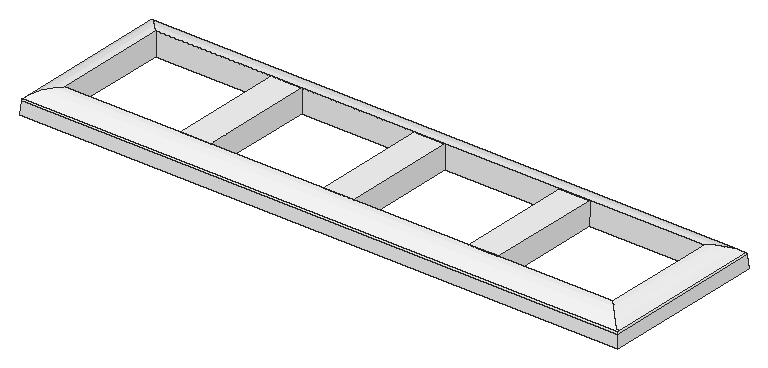
Revit family "Gira_021401", category Electrical Fixtures, host Face, Revit 2017
Family settings
  Host = Face
  Maintain Annotation Orientation = No
  Round Connector Dimension = Use Diameter
  Part Type = Normal
  Cut with Voids When Loaded = No
  Shared = No
  Room Calculation Point = No
Parameters (values of type "Cov.fr. 4-g Standard 55 cr.white")
  With mounting grid = "No"
  With hinged lid = "No"
  URL = "http://katalog.gira.de/en/datenblatt.html?artikelnr=021401"
  Type of fastening = "Clamp mounting"
  Transparent = "No"
  Surface protection = "Other"
  Surface finishing = "Glossy"
  Suitable for wall duct = "No"
  Suitable for flush-mounted installation = "Yes"
  Suitable for floor box = "No"
  Suitable for built-in installation = "No"
  RAL-number (akin) = "1013"
  Number of units vertical = "4"
  Number of units horizontal = "4"
  Number of units = "4"
  Name = "Cov.fr. 4-g Standard 55 cr.white"
  Mounting direction = "Horizontal and vertical"
  Material quality = "Thermoplastic"
  Material = "Plastic"
  Manufacturer URL = "https://www.gira.de/"
  Manufacturer = "Gira"
  Label space/information surface = "No"
  Keynote = ""
  HeinzeBIM = "https://bimportal.heinze.de/bim/cov-fr-4-g-standard-55-cr-white/0c5da1c4d7d8871fbf45d7ec72ca87cf7093aaea"
  Halogen free = "Yes"
  HAN = "021401"
  GTIN = "4010337214014"
  Description = "Cov.fr.4g Std55 CW,Gira Standard 55 cover frame,cream white glossy,4-gang,Features:,- Shatter-proof.,,Notes :,- Also suitable for duct installation.,- In connection with the seal kit, frame (1-gang to 5-gang) is also suitable for installation as water-protected flush-mounted IP44."
  Degree of protection (IP) = "IP20"
  Default Elevation = 1219.2 mm
  Data sheet (1) = "https://katalog.gira.de/en/download.html?artikelnr=021401"
  Colour = "Cream white (electro white)"
  Category = "Cover frame for domestic switching devices"
  BIM (1) = "https://media.stage.bim.site/public/gira/36a6b08/Std55_Rahmen_4fach.rfa"
  Available = "No"
Reference planes
  plane 1 "Center (Front/Back)": y = 0
  plane 2: z = 0
  plane 3 "Center (Left/Right)": x = 0
  plane 4: x = -40.3
  plane 5: x = 40.3
  plane 6: y = -147.3
  plane 7: y = 147.3
  plane 8: y = -71.3
  plane 9: y = 71.3
Forms (mm)
  Sweep 1, solid, material "White", detail levels fine
    path origin (0, 0, 0) x (0, -1, 0) y (1, 0, 0)
      loop
        line (40.3, 147.3) -> (-40.3, 147.3) -> (-40.3, -147.3) -> (40.3, -147.3) -> (40.3, 147.3)
    profile origin (147.3, 0, 0) x (-1, 0, 0) y (0, 0, 1)
      loop
        arc (12.22, 11.373) -> (5.983, 10.294) -> (0.641, 6.901) r 16.145
        arc (0.641, 6.901) -> (0.395, 6.426) -> (0.309, 5.898) r 1.694
        line (0.309, 5.898) -> (0, 0) -> (12.319, 0) -> (12.22, 11.373)
  Extrusion 2, solid, material "White", detail levels fine
    sketch origin (-70.7, 0, 0) x (1, 0, 0) y (0, 0, 1)
      loop
        line (7.4, 0) -> (7.4, 11.373) -> (-7.4, 11.373) -> (-7.4, 0) -> (7.4, 0)
    from -28.08 to 28.08
  Extrusion 3, solid, material "White", detail levels fine
    sketch origin (71.3, 0, 0) x (1, 0, 0) y (0, 0, 1)
      loop
        line (7.4, 0) -> (7.4, 11.373) -> (-7.4, 11.373) -> (-7.4, 0) -> (7.4, 0)
    from -28.08 to 28.08
  Extrusion 4, solid, material "White", detail levels fine
    sketch origin (0, 0, 0) x (1, 0, 0) y (0, 0, 1)
      loop
        line (7.4, 0) -> (7.4, 11.373) -> (-7.4, 11.373) -> (-7.4, 0) -> (7.4, 0)
    from -28.08 to 28.08
  Extrusion 5, solid, material "White", detail levels coarse+medium
    sketch origin (0, 0, 0) x (0, -1, 0) y (1, 0, 0)
      loop
        line (-40.3, 147.3) -> (-40.3, -147.3) -> (40.3, -147.3) -> (40.3, 147.3) -> (-40.3, 147.3)
    from 0 to 11.373
Dimensions and locks
  aligned and locked: plane 2 to host face
  aligned and locked: level to host face
